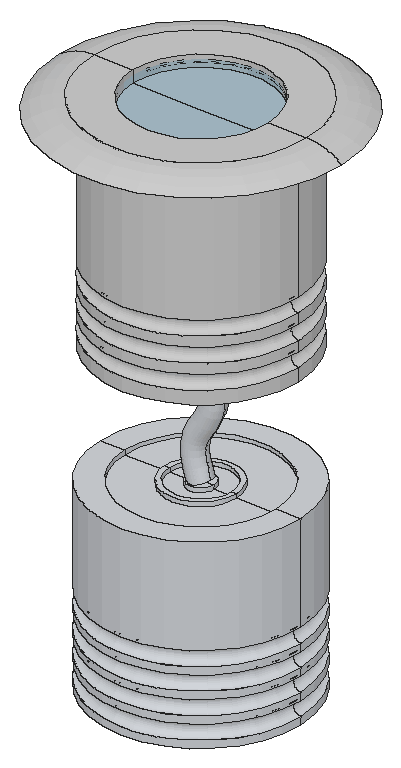
Revit family "SLIM INGROUND 2W SIMETRICO_LKB0126WW.9", category Luminarias, Revit 2019
Family settings
  Cota de conector redondo = Diámetro de uso
  Tipo de pieza = Normal
  Se basa en plano de trabajo = Sí
  Siempre vertical = No
  Corte con vacíos al cargar = No
  Origen de luz = Sí
  Compartido = No
  Punto de cálculo de habitación = No
Parameters (values of type "EMP_LKB0126WW.9")
  Ángulo de inclinación = 30.00°
  Ángulo de enfoque = 9.00°
  Ángulo de campo de foco = 9.00°
  Zone [instance] = ""
  Watt per fixture = 3.2
  Wattage = 3.2 W
  built-in parameter 1150107 = 3000 (stored number, unit not read)
  built-in parameter 1150110 = 1 (stored number, unit not read)
  built-in parameter 1150109 = 1 (stored number, unit not read)
  built-in parameter 1150112 = 1 (stored number, unit not read)
  built-in parameter 1150113 = 1 (stored number, unit not read)
  built-in parameter 1114218 = 1 (stored number, unit not read)
  Keynote = ""
  built-in parameter 1150137 = (empty or 0)
  built-in parameter 1150132 = (empty or 0)
  Modelo = "LKB0126WW.9"
  Lámpara = "OSRAM"
  Longitud de símbolo de origen de luz = 500 mm
  built-in parameter 1150105 = 7870.5 (stored number, unit not read)
  built-in parameter 1150102 = (empty or 0)
  built-in parameter 1150106 = 78.705 (stored number, unit not read)
  Lumens = 109.984 lm
  Color Filter = 16777215
  built-in parameter 1114217 = 1 (stored number, unit not read)
  built-in parameter 1150139 = (empty or 0)
  Fabricante = "BRILLANT"
  Default Elevation = 0 mm
  built-in parameter 1150104 = 3.1931 (stored number, unit not read)
  Descripción = "LUMINARIA TIPO CIRCULAR PARA EMPOTRAR EN PISO CON CUERPO DE ALUMINIO FUNDIDO A PRESION CUBIERTO CON POLVO GRIS OSCURO, CON CUBIERTA DE ACERO INOXIDABLE Y VIDRIO TEMPLADO DE 7MM, INSTALACION EMPOTRABLE EN PISO CON POCO ESPACIO, USO PARA INTERIORES COMO EXTERIORES CON IP 67, CUENTA CON 1 LED TIPO OSRAM CON UNA POTENCIA TOTAL DE 3.2W, A UNA TEMPERATURA EN BLANCO CALIDO 3000K CON 110 LUMENES, 46mA EN CORRIENTE DE OPERACIÓN, IK08, IRC 80, DISPONIBLE PARA ATENUAR EN TRIAC, APERTURA EN 9 GRADOS POR PROYECTO, ALIMENTADA A 100-240V"
  built-in parameter 1150115 = 1 (stored number, unit not read)
  built-in parameter 1150114 = 1 (stored number, unit not read)
  Comentarios de vataje = "100-240V"
  built-in parameter 1150138 = (empty or 0)
  built-in parameter 1150134 = (empty or 0)
  Circuit [instance] = ""
  Dimming Lamp Color Temperature Shift = (empty or 0)
  built-in parameter 1150133 = 10 (stored number, unit not read)
Reference planes
  plane 1 "Centro (Frontal/Posterior)": y = 0
  plane 2: z = 0
  plane 3 "Centro (Izquierda/Derecha)": x = 0
  plane 4: z = -43
  plane 5: z = -43
Forms (mm)
  Revolve 1, solid, material "Acero Inoxidable"
    sketch origin (0, 0, 0) x (1, 0, 0) y (0, 0, 1)
      loop
        line (-13.888, 2.379) -> (-21.807, 2.379)
        arc (-21.807, 2.379) -> (-25.595, 1.769) -> (-29, 0) r 12.065
        line (-29, 0) -> (-20, 0) -> (-20, -27.422)
        arc (-20, -27.422) -> (-18.501, -28.92) -> (-20, -30.419) r 1.499
        line (-20, -30.419) -> (-20, -32.422)
        arc (-20, -32.422) -> (-18.501, -33.92) -> (-20, -35.419) r 1.499
        line (-20, -35.419) -> (-20, -37.422)
        arc (-20, -37.422) -> (-18.501, -38.92) -> (-20, -40.419) r 1.499
        line (-20, -40.419) -> (-20, -43) -> (0, -43) -> (0, 0) -> (-13.888, 0) -> (-13.888, 2.379)
      axis (0, 2.379) -> (0, -43)
    angle from 0 to 360
  Extrusion 2, solid, material "Cristal"
    sketch origin (0, 0, 0) x (1, 0, 0) y (0, 1, 0)
      loop
        circle (0, 0) r 13.888
    from 0.921 to 1.499
  Revolve 3, solid
    sketch origin (0, 0, 0) x (1, 0, 0) y (0, 0, 1)
      loop
        line (0, -68) -> (-2.74, -68) -> (-2.74, -68.8) -> (-6.359, -68.8) -> (-6.359, -68) -> (-7.33, -68) -> (-7.33, -68.8) -> (-15.5, -68.8) -> (-15.5, -68) -> (-20.5, -68) -> (-20.5, -87.886)
        arc (-20.5, -87.886) -> (-19, -89.386) -> (-20.5, -90.886) r 1.5
        line (-20.5, -90.886) -> (-20.5, -92.386)
        arc (-20.5, -92.386) -> (-19, -93.886) -> (-20.5, -95.386) r 1.5
        line (-20.5, -95.386) -> (-20.5, -96.886)
        arc (-20.5, -96.886) -> (-19, -98.386) -> (-20.5, -99.886) r 1.5
        line (-20.5, -99.886) -> (-20.5, -101.386)
        arc (-20.5, -101.386) -> (-19, -102.886) -> (-20.5, -104.386) r 1.5
        line (-20.5, -104.386) -> (-20.5, -105.886) -> (-5.287, -105.886) -> (-5.287, -106.7) -> (-3.687, -106.7) -> (-3.687, -107.5) -> (0, -107.5) -> (0, -68)
      axis (0, -107.5) -> (0, -68)
    angle from 0 to 360
  Sweep 4, solid
    path origin (0, 0, 0) x (1, 0, 0) y (0, 0, 1)
      loop
        spline (0, -43) -> (1.657, -46.367) -> (2.52, -49.202) -> (2.752, -51.568) -> (2.514, -53.527) -> (1.969, -55.145) -> (1.246, -56.519) -> (0.453, -57.778) -> (-0.303, -59.048) -> (-0.913, -60.464) -> (-1.208, -62.242) -> (-0.975, -64.66) -> (0, -68)
    profile origin (1.246, 0, -56.519) x (0.858036, 0, -0.513589) y (0, -1, 0)
      loop
        circle (0, 0) r 2.272
Dimensions and locks
  level to plane 4 = 43 mm
  plane 2 to plane 5 = 43 mm
  aligned and locked: level to plane 2
Connectors
  electrical at (0, 0, -107.5)
    settings: on Revolve 3, index 1, voltage 240 V, apparent load 0 VA, apparent load phase1 0 VA, apparent load phase2 0 VA, apparent load phase3 0 VA, power factor 1, load classification "Otro", number of poles 1, system type 31, power factor state 1, is connector primary yes, connector utility no, sub classification motor no, connector description ""
